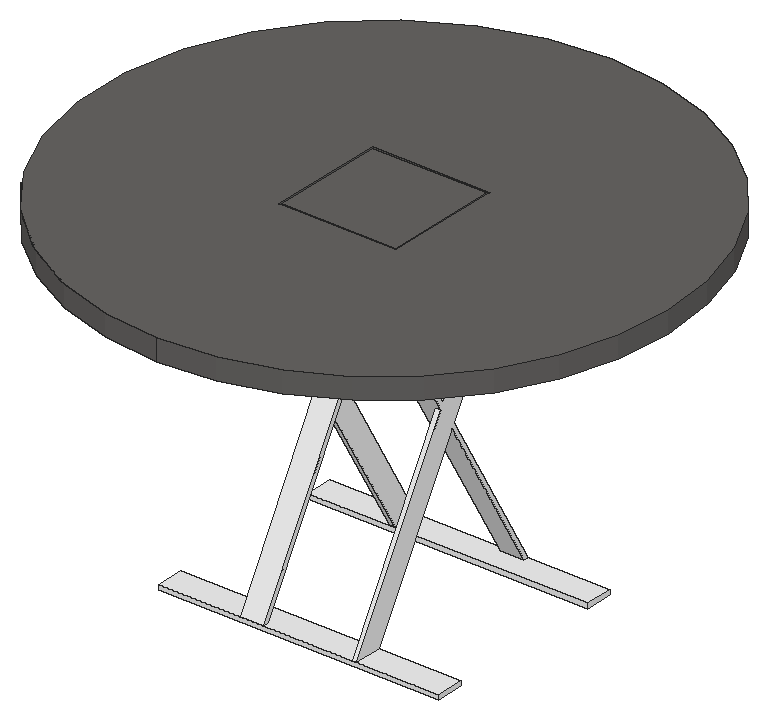
Revit family "Table-Round-Teknion-ZXRT_Small-R2011", category Furniture, Revit 2013
Parameters (values of type "48" Diameter x 30", One Grommet")
  With Grommet = yes
  Width = 48"
  Warranty = "http://www.teknionstudio.com/pdfs/Teknion%20Studio%20Warranty.pdf"
  Unit Weight = 251.00 lbf
  URL = "www.teknionstudio.com"
  Table Top Finish [instance] = Veneer - Teknion - P7 - Grey Oak
  Series = "B&B Italia"
  Product Page URL = "http://www.teknionstudio.com/acexecutive/"
  Product Line = "AC Executive"
  Product Documentation Link = "http://www.teknionstudio.com/pricing/ac_executive_ppg.pdf"
  Part Number = "ZXRT"
  Model = "ZXRT48301"
  Manufacturer Phone = "919-464-2920"
  Manufacturer Fax = "919-464-2927"
  Manufacturer Email = "customersupport@teknionstudio.com"
  Manufacturer Address = "3940 US 70 Business HWY West, Clayton, NC 27520"
  Manufacturer = "Teknion Studio"  # constant formula
  Low Emitting Material = yes
  Low Emitting Finish = yes
  Height = 29.7244"
  Grommet Void = if(With Grommet, 10 1/2", 2")  # 10 1/2"
  Frame Finish = Metal - Teknion - C6 - Chrome
  Description = "Small Round Table, 48\"dia, 30\"h, w/ One Grommet"
  Depth = 48"
  Assembly Code = "E2020200"
Types (3): name | With Grommet | Model | Grommet Void | Description
  (no name) | yes | "ZXRT48301" | 10 1/2" | "Small Round Table, 48\"dia, 30\"h, w/ One Grommet"
  48" Diameter x 30", No Grommet | no | "ZXRT48300" | 2" | "Small Round Table, 48\"dia, 30\"h, No Grommet"
  48" Diameter x 30", One Grommet | yes | "ZXRT48301" | 10 1/2" | "Small Round Table, 48\"dia, 30\"h, w/ One Grommet"
Reference planes (in)
  plane 1 "Center F/B": y = 0
  plane 2: z = 0
  plane 3 "Center L/R": x = 0
  plane 4 "Left": x = -24
  plane 5 "Right": x = 24
  plane 6 "Back": y = 24
  plane 7 "Front": y = -24
  plane 8 "Top": z = 29.7244
  plane 9: z = 27.9527
  plane 10: y = 13.77955
  plane 11: y = -13.77955
  plane 12: z = 19.7244
  plane 13: z = 30.2244
  plane 14: x = -4.9213
  plane 15: x = 4.9213
Forms (in)
  Sweep 1, solid, material "Metal - Teknion - C6 - Chrome" <- "Frame Finish"
    path origin (0, 0, 29.7244) x (-1, 0, 0) y (0, -1, 0)
      loop
        line (11.81102, 0) -> (-11.81102, 0)
    profile origin (0, 0, 29.7244) x (0, 1, 0) y (0, 0, 1)
      loop
        line (-9.01575, -1.7717) -> (-9.01575, -2.1654) -> (-6.65355, -2.1654) -> (-6.65355, -1.7717) -> (-9.01575, -1.7717)
      loop
        line (9.01575, -1.7717) -> (6.65355, -1.7717) -> (6.65355, -2.1654) -> (9.01575, -2.1654) -> (9.01575, -1.7717)
      loop
        line (9.01575, -29.3307) -> (6.65355, -29.3307) -> (6.65355, -29.7244) -> (9.01575, -29.7244) -> (9.01575, -29.3307)
      loop
        line (-9.01575, -29.3307) -> (-9.01575, -29.7244) -> (-6.65355, -29.7244) -> (-6.65355, -29.3307) -> (-9.01575, -29.3307)
  Sweep 2, solid, material "Metal - Teknion - C6 - Chrome" <- "Frame Finish"
    path origin (0, 0, 0) x (1, 0, 0) y (0, 0, 1)
      loop
        line (-4.9213, 0) -> (-2.9528, 0)
    profile origin (-3.93705, 0, 0) x (0, 0, 1) y (0, -1, 0)
      loop
        line (27.559, -6.65351) -> (0.3937, 9.01575) -> (0.3937, 8.56125) -> (27.559, -7.10801) -> (27.559, -6.65351)
  Sweep 3, solid, material "Metal - Teknion - C6 - Chrome" <- "Frame Finish"
    path origin (79.6063, 0, 0) x (1, 0, 0) y (0, 0, 1)
      loop
        line (-75.0787, 0) -> (-74.685, 0)
    profile origin (4.72445, 0, 0) x (0, 0, 1) y (0, -1, 0)
      loop
        line (0.3937, 6.74325) -> (27.559, -8.92601) -> (27.559, -6.65351) -> (0.3937, 9.01575) -> (0.3937, 6.74325)
  Sweep 4, solid, material "Metal - Teknion - C6 - Chrome" <- "Frame Finish"
    path origin (0, 0, 0) x (1, 0, 0) y (0, 0, 1)
      loop
        line (-4.5276, 0) -> (-4.9213, 0)
    profile origin (-4.72445, 0, 0) x (0, 0, -1) y (0, -1, 0)
      loop
        line (-27.559, 8.92601) -> (-27.559, 6.65351) -> (-0.3937, -9.01575) -> (-0.3937, -6.74325) -> (-27.559, 8.92601)
  Sweep 5, solid, material "Metal - Teknion - C6 - Chrome" <- "Frame Finish"
    path origin (0, 0, 0) x (-1, 0, 0) y (0, 0, 1)
      loop
        line (-2.9528, 0) -> (-4.9213, 0)
    profile origin (3.93705, 0, 0) x (0, 0, 1) y (0, -1, 0)
      loop
        line (27.559, 6.65351) -> (27.559, 7.10801) -> (0.3937, -8.56125) -> (0.3937, -9.01575) -> (27.559, 6.65351)
  Sweep 6, void
    path origin (0, 0, 0) x (1, 0, 0) y (0, 0, 1)
      loop
        line (0, 19.7244) -> (0, 30.2244)
    profile origin (0, 0, 24.9744) x (-1, 0, 0) y (0, -1, 0)
      loop
        line (4.92125, -4.92125) -> (4.92125, 4.92125) -> (-4.92125, 4.92125) -> (-4.92125, -4.92125) -> (4.92125, -4.92125)
      loop
        line (4.79625, -4.79625) -> (4.79625, 4.79625) -> (-4.79625, 4.79625) -> (-4.79625, -4.79625) -> (4.79625, -4.79625)
  Sweep 7, solid, material "Veneer - Teknion - P7 - Grey Oak" <- "Table Top Finish"
    path origin (0, 0, 0) x (1, 0, 0) y (0, 0, 1)
      loop
        line (0, 29.7244) -> (0, 27.9527)
    profile origin (0, 0, 28.83855) x (0, -1, 0) y (1, 0, 0)
      loop
        circle (0, 0) r 24
Cuts and joins
  joined: Sweep 2, Sweep 3, Sweep 4, Sweep 5
  Sweep 6 cuts Sweep 7
Lines and regions (in)
  Masking region 1
    outline origin (0, 0, 29.7244) x (-1, 0, 0) y (0, -1, 0)
      loop
        circle (0, 0) r 24
  symbolic lines, visible <- "With Grommet"
    curve 1: line (4.92125, 4.92125, 29.7244) -> (-4.92125, 4.92125, 29.7244)
    curve 2: line (-4.92125, 4.92125, 29.7244) -> (-4.92125, -4.92125, 29.7244)
    curve 3: line (-4.92125, -4.92125, 29.7244) -> (4.92125, -4.92125, 29.7244)
    curve 4: line (4.92125, -4.92125, 29.7244) -> (4.92125, 4.92125, 29.7244)
  symbolic lines, style "FurnitureHiddenLines", detail levels medium+fine
    curve 5: line (11.81102, 9.01575, 29.7244) -> (-11.81102, 9.01575, 29.7244)
    curve 6: line (-11.81102, 9.01575, 29.7244) -> (-11.81102, 6.65355, 29.7244)
    curve 7: line (-11.81102, 6.65355, 29.7244) -> (11.81102, 6.65355, 29.7244)
    curve 8: line (11.81102, 6.65355, 29.7244) -> (11.81102, 9.01575, 29.7244)
    curve 9: line (11.81102, -6.65355, 29.7244) -> (-11.81102, -6.65355, 29.7244)
    curve 10: line (-11.81102, -6.65355, 29.7244) -> (-11.81102, -9.01575, 29.7244)
    curve 11: line (-11.81102, -9.01575, 29.7244) -> (11.81102, -9.01575, 29.7244)
    curve 12: line (11.81102, -9.01575, 29.7244) -> (11.81102, -6.65355, 29.7244)
Dimensions and locks (in)
  "Height": plane 8 "Top" to plane 2
  equal spacing: plane 4 "Left", plane 3 "Center L/R", plane 5 "Right"
  "Width": plane 4 "Left" to plane 5 "Right"
  equal spacing: plane 6 "Back", plane 1 "Center F/B", plane 7 "Front"
  "Depth": plane 6 "Back" to plane 7 "Front"
  locked: plane 8 "Top" to plane 9 at 1.7717
  locked: plane 9 to Sweep 1 sketch curve at 0.3937  (x2)
  locked: Sweep 1 sketch curve to plane 2 at 0.3937  (x2)
  locked: plane 1 "Center F/B" to plane 10 at 13.77955
  equal spacing: plane 10, plane 1 "Center F/B", plane 11
  locked: Sweep 2 sketch curve to plane 14 at 1.9685
  locked: plane 15 to Sweep 3 sketch curve at 0.3937
  locked: plane 8 "Top" to plane 12 at 10
  "Grommet Void": plane 13 to plane 12
  plane 14 to plane 3 "Center L/R" to plane 15 = 4.9213" locked, 4.9213" locked
  equal spacing: Sweep 6 sketch curve, plane 1 "Center F/B", Sweep 6 sketch curve
  equal spacing: Sweep 6 sketch curve, plane 3 "Center L/R", Sweep 6 sketch curve
  locked: Sweep 6 sketch curve to plane 3 "Center L/R" at 4.92125
  locked: plane 1 "Center F/B" to Sweep 6 sketch curve at 4.92125
  locked: Sweep 6 sketch curve to Sweep 6 sketch curve at 0.125  (x4)
  locked: Sweep 4 sketch curve to plane 14 at 0.3937
  plane 6 "Back" to Sweep 1 sketch curve to Sweep 1 sketch curve = 14.98425" locked, 2.3622" locked  (x2)
  Sweep 1 sketch curve to Sweep 1 sketch curve to plane 7 "Front" = 2.3622" locked, 14.98425" locked  (x2)
  Sweep 1 sketch curve to plane 3 "Center L/R" to Sweep 1 sketch curve = 11.81102" locked, 11.81102" locked
  locked: plane 15 to Sweep 5 sketch curve at 1.9685
  locked: Sweep 3 sketch curve to Sweep 3 sketch curve at 1.9685
  Sweep 3 sketch curve to plane 1 "Center F/B" to Sweep 3 sketch curve = 8.92601" locked, 9.01575" locked
  locked: Sweep 3 sketch curve to plane 2 at 0.3937
  locked: plane 9 to Sweep 3 sketch curve at 0.3937
  locked: Sweep 2 sketch curve to Sweep 2 sketch curve at 0.3937
  Sweep 2 sketch curve to plane 1 "Center F/B" to Sweep 2 sketch curve = 7.10801" locked, 9.01575" locked
  locked: plane 9 to Sweep 2 sketch curve at 0.3937
  locked: Sweep 2 sketch curve to plane 2 at 0.3937
  locked: Sweep 4 sketch curve to Sweep 4 sketch curve at 1.9685
  Sweep 4 sketch curve to plane 1 "Center F/B" to Sweep 4 sketch curve = 9.01575" locked, 8.92601" locked
  locked: plane 9 to Sweep 4 sketch curve at 0.3937
  locked: Sweep 4 sketch curve to plane 2 at 0.3937
  locked: Sweep 5 sketch curve to Sweep 5 sketch curve at 0.3937
  locked: plane 9 to Sweep 5 sketch curve at 0.3937
  locked: Sweep 5 sketch curve to plane 2 at 0.3937
  Sweep 5 sketch curve to plane 1 "Center F/B" to Sweep 5 sketch curve = 9.01575" locked, 7.10801" locked
  aligned and locked: level to plane 2
  aligned and locked: Sweep 1 sketch curve to plane 9
  aligned and locked: Sweep 1 sketch curve to plane 2
  aligned and locked: plane 9 to Sweep 1 sketch curve
  aligned and locked: plane 2 to Sweep 1 sketch curve
  aligned and locked: Sweep 2 sketch curve to plane 2
  aligned and locked: Sweep 3 sketch curve to plane 2
  aligned and locked: plane 2 to Sweep 4 sketch curve
  aligned and locked: Sweep 5 sketch curve to plane 2
  aligned and locked: plane 3 "Center L/R" to Sweep 6 sketch curve
  aligned and locked: plane 13 to Sweep 6 sketch curve
  aligned and locked: plane 12 to Sweep 6 sketch curve
  aligned and locked: plane 8 "Top" to Sweep 7 sketch curve
  aligned and locked: plane 9 to Sweep 7 sketch curve
  aligned and locked: Sweep 7 sketch curve to plane 3 "Center L/R"
  aligned and locked: plane 1 "Center F/B" to Sweep 1 sketch curve
  aligned and locked: Masking region 1 sketch curve to cut or joined group of Sweep 6, Sweep 7  (x2)
  aligned and locked: curve 1 to Sweep 6
  aligned and locked: curve 2 to Sweep 6
  aligned and locked: curve 3 to Sweep 6
  aligned and locked: curve 4 to Sweep 6
  aligned and locked: curve 5 to Sweep 1
  aligned and locked: curve 7 to Sweep 1
  aligned and locked: curve 9 to Sweep 1
  aligned and locked: curve 11 to Sweep 1
  aligned and locked: curve 6 to Sweep 1
  aligned and locked: curve 10 to Sweep 1
  aligned and locked: Sweep 1 to curve 8
  aligned and locked: curve 12 to Sweep 1
  aligned and locked: plane 1 "Center F/B" to Sweep 7 sketch curve
  aligned and locked: plane 3 "Center L/R" to Sweep 7 sketch curve
Automatic sketch dimensions
  Sweep 4 sketch curve to plane 14 = 0"
  Sweep 3 sketch curve to plane 15 = 0"
  Sweep 2 sketch curve to plane 14 = 0"
  Sweep 5 sketch curve to plane 15 = 0"
  radius of Sweep 7 sketch curve = 24"
